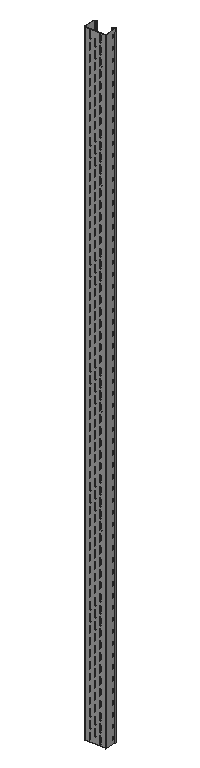
Revit family "Kabelrinne MKS 610FS", category Generic Models, Revit 2017 (continued)
Dimensions and locks
  plane 611 to cut or joined group of Extrusion 1, Extrusion 2, Extrusion 3, Extrusion 4, Extrusion 5, Extrusion 6, Extrusion 7, Extrusion 8, Extrusion 9, Extrusion 10, Extrusion 11, Extrusion 12, Extrusion 13, Extrusion 14, Extrusion 15, Extrusion 16, Extrusion 17, Extrusion 18, Extrusion 19, Extrusion 20, Extrusion 21, Extrusion 22, Extrusion 23, Extrusion 24, Extrusion 25, Extrusion 26, Extrusion 27, Extrusion 28, Extrusion 29, Extrusion 30, Extrusion 31, Extrusion 32, Extrusion 33, Extrusion 34, Extrusion 35, Extrusion 36, Extrusion 37, Extrusion 38, Extrusion 39, Extrusion 40, Extrusion 41, Extrusion 42, Extrusion 43, Extrusion 44, Extrusion 45, Extrusion 46, Extrusion 47, Extrusion 48, Extrusion 49, Extrusion 50, Extrusion 51, Extrusion 52, Extrusion 53, Extrusion 54, Extrusion 55, Extrusion 56, Extrusion 57, Extrusion 58, Extrusion 59, Extrusion 60, Extrusion 61, Extrusion 62, Extrusion 63, Extrusion 64, Extrusion 65, Extrusion 66, Extrusion 67, Extrusion 68, Extrusion 69, Extrusion 70, Extrusion 71, Extrusion 72, Extrusion 73, Extrusion 74, Extrusion 75, Extrusion 76, Extrusion 77, Extrusion 78, Extrusion 79, Extrusion 80, Extrusion 81, Extrusion 82, Extrusion 83, Extrusion 84, Extrusion 85, Extrusion 86, Extrusion 87, Extrusion 88, Extrusion 89, Extrusion 90, Extrusion 91, Extrusion 92, Extrusion 93, Extrusion 94, Extrusion 95, Extrusion 96, Extrusion 97, Extrusion 98, Extrusion 99, Extrusion 100, Extrusion 101, Extrusion 102, Extrusion 103, Extrusion 104, Extrusion 105, Extrusion 106, Extrusion 107, Extrusion 108, Extrusion 109, Extrusion 110, Extrusion 111, Extrusion 112, Extrusion 113, Extrusion 114, Extrusion 115, Extrusion 116, Extrusion 117, Extrusion 118, Extrusion 119, Extrusion 120, Extrusion 121, Extrusion 122, Extrusion 123, Extrusion 124, Extrusion 125, Extrusion 126, Extrusion 127, Extrusion 128, Extrusion 129, Extrusion 130, Extrusion 131, Extrusion 132, Extrusion 133, Extrusion 134, Extrusion 135, Extrusion 136, Extrusion 137, Extrusion 138, Extrusion 139, Extrusion 140, Extrusion 141, Extrusion 142, Extrusion 143, Extrusion 144, Extrusion 145, Extrusion 146, Extrusion 147, Extrusion 148, Extrusion 149, Extrusion 150, Extrusion 151, Extrusion 152, Extrusion 153, Extrusion 154, Extrusion 155, Extrusion 156, Extrusion 157, Extrusion 158, Extrusion 159, Extrusion 160, Extrusion 161, Extrusion 162, Extrusion 163, Extrusion 164, Extrusion 165, Extrusion 166, Extrusion 167, Extrusion 168, Extrusion 169, Extrusion 170, Extrusion 171, Extrusion 172, Extrusion 173, Extrusion 174, Extrusion 175, Extrusion 176, Extrusion 177, Extrusion 178, Extrusion 179, Extrusion 180, Extrusion 181, Extrusion 182, Extrusion 183, Extrusion 184, Extrusion 185, Extrusion 186, Extrusion 187, Extrusion 188, Extrusion 189, Extrusion 190, Extrusion 191, Extrusion 192, Extrusion 193, Extrusion 194, Extrusion 195, Extrusion 196, Extrusion 197, Extrusion 198, Extrusion 199, Extrusion 200, Extrusion 201, Extrusion 202, Extrusion 203, Extrusion 204, Extrusion 205, Extrusion 206, Extrusion 207, Extrusion 208, Extrusion 209, Extrusion 210, Extrusion 211, Extrusion 212, Extrusion 213, Extrusion 214, Extrusion 215, Extrusion 216, Extrusion 217, Extrusion 218, Extrusion 219, Extrusion 220, Extrusion 221, Extrusion 222, Extrusion 223, Extrusion 224, Extrusion 225, Extrusion 226, Extrusion 227, Extrusion 228, Extrusion 229, Extrusion 230, Extrusion 231, Extrusion 232, Extrusion 233, Extrusion 234, Extrusion 235, Extrusion 236, Extrusion 237, Extrusion 238, Extrusion 239, Extrusion 240, Extrusion 241, Extrusion 242, Extrusion 243, Extrusion 244, Extrusion 245, Extrusion 246, Extrusion 247, Extrusion 248, Extrusion 249, Extrusion 250, Extrusion 251, Extrusion 252, Extrusion 253, Extrusion 254, Extrusion 255, Extrusion 256, Extrusion 257, Extrusion 258, Extrusion 259, Extrusion 260, Extrusion 261, Extrusion 262, Extrusion 263, Extrusion 264, Extrusion 265, Extrusion 266, Extrusion 267, Extrusion 268, Extrusion 269, Extrusion 270, Extrusion 271, Extrusion 272, Extrusion 273, Extrusion 274, Extrusion 275, Extrusion 276, Extrusion 277, Extrusion 278, Extrusion 279, Extrusion 280, Extrusion 281, Extrusion 282, Extrusion 283, Extrusion 284, Extrusion 285, Extrusion 286, Extrusion 287, Extrusion 288, Extrusion 289, Extrusion 290, Extrusion 291, Extrusion 292, Extrusion 293, Extrusion 294, Extrusion 295, Extrusion 296, Extrusion 297, Extrusion 298, Extrusion 299, Extrusion 300, Extrusion 301, Extrusion 302, Extrusion 303, Extrusion 304, Extrusion 305, Extrusion 306, Extrusion 307, Extrusion 308, Extrusion 309, Extrusion 310, Extrusion 311, Extrusion 312, Extrusion 313, Extrusion 314, Extrusion 315, Extrusion 316, Extrusion 317, Extrusion 318, Extrusion 319, Extrusion 320, Extrusion 321, Extrusion 322, Extrusion 323, Extrusion 324, Extrusion 325, Extrusion 326, Extrusion 327, Extrusion 328, Extrusion 329, Extrusion 330, Extrusion 331, Extrusion 332, Extrusion 333, Extrusion 334, Extrusion 335, Extrusion 336, Extrusion 337, Extrusion 338, Extrusion 339, Extrusion 340, Extrusion 341, Extrusion 342, Extrusion 343, Extrusion 344, Extrusion 345, Extrusion 346, Extrusion 347, Extrusion 348, Extrusion 349, Extrusion 350, Extrusion 351, Extrusion 352, Extrusion 353, Extrusion 354, Extrusion 355, Extrusion 356, Extrusion 357, Extrusion 358, Extrusion 359, Extrusion 360, Extrusion 361, Extrusion 362, Extrusion 363, Extrusion 364, Extrusion 365, Extrusion 366, Extrusion 367, Extrusion 368, Extrusion 369, Extrusion 370, Extrusion 371, Extrusion 372, Extrusion 373, Extrusion 374, Extrusion 375, Extrusion 376, Extrusion 377, Extrusion 378, Extrusion 379, Extrusion 380, Extrusion 381, Extrusion 382, Extrusion 383, Extrusion 384, Extrusion 385, Extrusion 386, Extrusion 387, Extrusion 388, Extrusion 389, Extrusion 390, Extrusion 391, Extrusion 392, Extrusion 393, Extrusion 394, Extrusion 395, Extrusion 396, Extrusion 397, Extrusion 398, Extrusion 399, Extrusion 400, Extrusion 401, Extrusion 402, Extrusion 403, Extrusion 404, Extrusion 405, Extrusion 406, Extrusion 407, Extrusion 408, Extrusion 409, Extrusion 410, Extrusion 411, Extrusion 412, Extrusion 413, Extrusion 414, Extrusion 415, Extrusion 416, Extrusion 417, Extrusion 418, Extrusion 419, Extrusion 420 = 14.5 mm
  Extrusion 242 sketch curve to Extrusion 242 sketch curve = 7 mm
  plane 611 to Extrusion 242 sketch curve = 3.822 mm
  locked: Extrusion 242 sketch curve to Extrusion 242 sketch curve at 20
  locked: plane 612 to Extrusion 242 sketch curve at 10
  Extrusion 243 sketch curve to Extrusion 243 sketch curve = 7 mm
  plane 613 to Extrusion 243 sketch curve = 3.822 mm
  locked: Extrusion 243 sketch curve to Extrusion 243 sketch curve at 20
  locked: plane 614 to Extrusion 243 sketch curve at 10
  Extrusion 244 sketch curve to Extrusion 244 sketch curve = 7 mm
  plane 615 to Extrusion 244 sketch curve = 3.822 mm
  locked: Extrusion 244 sketch curve to Extrusion 244 sketch curve at 20
  locked: plane 616 to Extrusion 244 sketch curve at 10
  Extrusion 245 sketch curve to Extrusion 245 sketch curve = 7 mm
  plane 617 to Extrusion 245 sketch curve = 3.822 mm
  locked: Extrusion 245 sketch curve to Extrusion 245 sketch curve at 20
  locked: plane 618 to Extrusion 245 sketch curve at 10
  equal spacing: group 120, group 121, group 122, group 123, group 124, group 125, group 126, group 127, group 128, group 129, group 130, group 131, group 132, group 133, group 134, group 135, group 136, group 137, group 138, group 139, group 140, group 141, group 142, group 143, group 144, group 145, group 146, group 147, group 148, group 149, group 150, group 151, group 152, group 153, group 154, group 155, group 156, group 157, group 158, group 159, group 160, group 161, group 162, group 163, group 164, group 165, group 166, group 167, group 168, group 169, group 170, group 171, group 172, group 173, group 174, group 175, group 176, group 177, group 178, group 179  (x3)
  Extrusion 246 sketch curve to Extrusion 246 sketch curve = 7 mm
  plane 619 to Extrusion 246 sketch curve = 3.822 mm
  locked: Extrusion 246 sketch curve to Extrusion 246 sketch curve at 20
  locked: plane 620 to Extrusion 246 sketch curve at 10
  Extrusion 247 sketch curve to Extrusion 247 sketch curve = 7 mm
  plane 621 to Extrusion 247 sketch curve = 3.822 mm
  locked: Extrusion 247 sketch curve to Extrusion 247 sketch curve at 20
  locked: plane 622 to Extrusion 247 sketch curve at 10
  Extrusion 248 sketch curve to Extrusion 248 sketch curve = 7 mm
  plane 623 to Extrusion 248 sketch curve = 3.822 mm
  locked: Extrusion 248 sketch curve to Extrusion 248 sketch curve at 20
  locked: plane 624 to Extrusion 248 sketch curve at 10
  Extrusion 249 sketch curve to Extrusion 249 sketch curve = 7 mm
  plane 625 to Extrusion 249 sketch curve = 3.822 mm
  locked: Extrusion 249 sketch curve to Extrusion 249 sketch curve at 20
  locked: plane 626 to Extrusion 249 sketch curve at 10
  Extrusion 250 sketch curve to Extrusion 250 sketch curve = 7 mm
  plane 627 to Extrusion 250 sketch curve = 3.822 mm
  locked: Extrusion 250 sketch curve to Extrusion 250 sketch curve at 20
  locked: plane 628 to Extrusion 250 sketch curve at 10
  Extrusion 251 sketch curve to Extrusion 251 sketch curve = 7 mm
  plane 629 to Extrusion 251 sketch curve = 3.822 mm
  locked: Extrusion 251 sketch curve to Extrusion 251 sketch curve at 20
  locked: plane 630 to Extrusion 251 sketch curve at 10
  Extrusion 252 sketch curve to Extrusion 252 sketch curve = 7 mm
  plane 631 to Extrusion 252 sketch curve = 3.822 mm
  locked: Extrusion 252 sketch curve to Extrusion 252 sketch curve at 20
  locked: plane 632 to Extrusion 252 sketch curve at 10
  Extrusion 253 sketch curve to Extrusion 253 sketch curve = 7 mm
  plane 633 to Extrusion 253 sketch curve = 3.822 mm
  locked: Extrusion 253 sketch curve to Extrusion 253 sketch curve at 20
  locked: plane 634 to Extrusion 253 sketch curve at 10
  Extrusion 254 sketch curve to Extrusion 254 sketch curve = 7 mm
  plane 635 to Extrusion 254 sketch curve = 3.822 mm
  locked: Extrusion 254 sketch curve to Extrusion 254 sketch curve at 20
  locked: plane 636 to Extrusion 254 sketch curve at 10
  Extrusion 255 sketch curve to Extrusion 255 sketch curve = 7 mm
  plane 637 to Extrusion 255 sketch curve = 3.822 mm
  locked: Extrusion 255 sketch curve to Extrusion 255 sketch curve at 20
  locked: plane 638 to Extrusion 255 sketch curve at 10
  Extrusion 256 sketch curve to Extrusion 256 sketch curve = 7 mm
  plane 639 to Extrusion 256 sketch curve = 3.822 mm
  locked: Extrusion 256 sketch curve to Extrusion 256 sketch curve at 20
  locked: plane 640 to Extrusion 256 sketch curve at 10
  Extrusion 257 sketch curve to Extrusion 257 sketch curve = 7 mm
  plane 641 to Extrusion 257 sketch curve = 3.822 mm
  locked: Extrusion 257 sketch curve to Extrusion 257 sketch curve at 20
  locked: plane 642 to Extrusion 257 sketch curve at 10
  Extrusion 258 sketch curve to Extrusion 258 sketch curve = 7 mm
  plane 643 to Extrusion 258 sketch curve = 3.822 mm
  locked: Extrusion 258 sketch curve to Extrusion 258 sketch curve at 20
  locked: plane 644 to Extrusion 258 sketch curve at 10
  Extrusion 259 sketch curve to Extrusion 259 sketch curve = 7 mm
  plane 645 to Extrusion 259 sketch curve = 3.822 mm
  locked: Extrusion 259 sketch curve to Extrusion 259 sketch curve at 20
  locked: plane 646 to Extrusion 259 sketch curve at 10
  Extrusion 260 sketch curve to Extrusion 260 sketch curve = 7 mm
  plane 647 to Extrusion 260 sketch curve = 3.822 mm
  locked: Extrusion 260 sketch curve to Extrusion 260 sketch curve at 20
  locked: plane 648 to Extrusion 260 sketch curve at 10
  Extrusion 261 sketch curve to Extrusion 261 sketch curve = 7 mm
  plane 649 to Extrusion 261 sketch curve = 3.822 mm
  locked: Extrusion 261 sketch curve to Extrusion 261 sketch curve at 20
  locked: plane 650 to Extrusion 261 sketch curve at 10
  Extrusion 262 sketch curve to Extrusion 262 sketch curve = 7 mm
  plane 651 to Extrusion 262 sketch curve = 3.822 mm
  locked: Extrusion 262 sketch curve to Extrusion 262 sketch curve at 20
  locked: plane 652 to Extrusion 262 sketch curve at 10
  Extrusion 263 sketch curve to Extrusion 263 sketch curve = 7 mm
  plane 653 to Extrusion 263 sketch curve = 3.822 mm
  locked: Extrusion 263 sketch curve to Extrusion 263 sketch curve at 20
  locked: plane 654 to Extrusion 263 sketch curve at 10
  Extrusion 264 sketch curve to Extrusion 264 sketch curve = 7 mm
  plane 655 to Extrusion 264 sketch curve = 3.822 mm
  locked: Extrusion 264 sketch curve to Extrusion 264 sketch curve at 20
  locked: plane 656 to Extrusion 264 sketch curve at 10
  Extrusion 265 sketch curve to Extrusion 265 sketch curve = 7 mm
  plane 657 to Extrusion 265 sketch curve = 3.822 mm
  locked: Extrusion 265 sketch curve to Extrusion 265 sketch curve at 20
  locked: plane 658 to Extrusion 265 sketch curve at 10
  Extrusion 266 sketch curve to Extrusion 266 sketch curve = 7 mm
  plane 659 to Extrusion 266 sketch curve = 3.822 mm
  locked: Extrusion 266 sketch curve to Extrusion 266 sketch curve at 20
  locked: plane 660 to Extrusion 266 sketch curve at 10
  Extrusion 267 sketch curve to Extrusion 267 sketch curve = 7 mm
  plane 661 to Extrusion 267 sketch curve = 3.822 mm
  locked: Extrusion 267 sketch curve to Extrusion 267 sketch curve at 20
  locked: plane 662 to Extrusion 267 sketch curve at 10
  Extrusion 268 sketch curve to Extrusion 268 sketch curve = 7 mm
  plane 663 to Extrusion 268 sketch curve = 3.822 mm
  locked: Extrusion 268 sketch curve to Extrusion 268 sketch curve at 20
  locked: plane 664 to Extrusion 268 sketch curve at 10
  Extrusion 269 sketch curve to Extrusion 269 sketch curve = 7 mm
  plane 665 to Extrusion 269 sketch curve = 3.822 mm
  locked: Extrusion 269 sketch curve to Extrusion 269 sketch curve at 20
  locked: plane 666 to Extrusion 269 sketch curve at 10
  Extrusion 270 sketch curve to Extrusion 270 sketch curve = 7 mm
  plane 667 to Extrusion 270 sketch curve = 3.822 mm
  locked: Extrusion 270 sketch curve to Extrusion 270 sketch curve at 20
  locked: plane 668 to Extrusion 270 sketch curve at 10
  Extrusion 271 sketch curve to Extrusion 271 sketch curve = 7 mm
  plane 669 to Extrusion 271 sketch curve = 3.822 mm
  locked: Extrusion 271 sketch curve to Extrusion 271 sketch curve at 20
  locked: plane 670 to Extrusion 271 sketch curve at 10
  Extrusion 272 sketch curve to Extrusion 272 sketch curve = 7 mm
  plane 671 to Extrusion 272 sketch curve = 3.822 mm
  locked: Extrusion 272 sketch curve to Extrusion 272 sketch curve at 20
  locked: plane 672 to Extrusion 272 sketch curve at 10
  Extrusion 273 sketch curve to Extrusion 273 sketch curve = 7 mm
  plane 673 to Extrusion 273 sketch curve = 3.822 mm
  locked: Extrusion 273 sketch curve to Extrusion 273 sketch curve at 20
  locked: plane 674 to Extrusion 273 sketch curve at 10
  Extrusion 274 sketch curve to Extrusion 274 sketch curve = 7 mm
  plane 675 to Extrusion 274 sketch curve = 3.822 mm
  locked: Extrusion 274 sketch curve to Extrusion 274 sketch curve at 20
  locked: plane 676 to Extrusion 274 sketch curve at 10
  Extrusion 275 sketch curve to Extrusion 275 sketch curve = 7 mm
  plane 677 to Extrusion 275 sketch curve = 3.822 mm
  locked: Extrusion 275 sketch curve to Extrusion 275 sketch curve at 20
  locked: plane 678 to Extrusion 275 sketch curve at 10
  Extrusion 276 sketch curve to Extrusion 276 sketch curve = 7 mm
  plane 679 to Extrusion 276 sketch curve = 3.822 mm
  locked: Extrusion 276 sketch curve to Extrusion 276 sketch curve at 20
  locked: plane 680 to Extrusion 276 sketch curve at 10
  Extrusion 277 sketch curve to Extrusion 277 sketch curve = 7 mm
  plane 681 to Extrusion 277 sketch curve = 3.822 mm
  locked: Extrusion 277 sketch curve to Extrusion 277 sketch curve at 20
  locked: plane 682 to Extrusion 277 sketch curve at 10
  Extrusion 278 sketch curve to Extrusion 278 sketch curve = 7 mm
  plane 683 to Extrusion 278 sketch curve = 3.822 mm
  locked: Extrusion 278 sketch curve to Extrusion 278 sketch curve at 20
  locked: plane 684 to Extrusion 278 sketch curve at 10
  Extrusion 279 sketch curve to Extrusion 279 sketch curve = 7 mm
  plane 685 to Extrusion 279 sketch curve = 3.822 mm
  locked: Extrusion 279 sketch curve to Extrusion 279 sketch curve at 20
  locked: plane 686 to Extrusion 279 sketch curve at 10
  Extrusion 280 sketch curve to Extrusion 280 sketch curve = 7 mm
  plane 687 to Extrusion 280 sketch curve = 3.822 mm
  locked: Extrusion 280 sketch curve to Extrusion 280 sketch curve at 20
  locked: plane 688 to Extrusion 280 sketch curve at 10
  Extrusion 281 sketch curve to Extrusion 281 sketch curve = 7 mm
  plane 689 to Extrusion 281 sketch curve = 3.822 mm
  locked: Extrusion 281 sketch curve to Extrusion 281 sketch curve at 20
  locked: plane 690 to Extrusion 281 sketch curve at 10
  Extrusion 282 sketch curve to Extrusion 282 sketch curve = 7 mm
  plane 691 to Extrusion 282 sketch curve = 3.822 mm
  locked: Extrusion 282 sketch curve to Extrusion 282 sketch curve at 20
  locked: plane 692 to Extrusion 282 sketch curve at 10
  Extrusion 283 sketch curve to Extrusion 283 sketch curve = 7 mm
  plane 693 to Extrusion 283 sketch curve = 3.822 mm
  locked: Extrusion 283 sketch curve to Extrusion 283 sketch curve at 20
  locked: plane 694 to Extrusion 283 sketch curve at 10
  Extrusion 284 sketch curve to Extrusion 284 sketch curve = 7 mm
  plane 695 to Extrusion 284 sketch curve = 3.822 mm
  locked: Extrusion 284 sketch curve to Extrusion 284 sketch curve at 20
  locked: plane 696 to Extrusion 284 sketch curve at 10
  Extrusion 285 sketch curve to Extrusion 285 sketch curve = 7 mm
  plane 697 to Extrusion 285 sketch curve = 3.822 mm
  locked: Extrusion 285 sketch curve to Extrusion 285 sketch curve at 20
  locked: plane 698 to Extrusion 285 sketch curve at 10
  Extrusion 286 sketch curve to Extrusion 286 sketch curve = 7 mm
  plane 699 to Extrusion 286 sketch curve = 3.822 mm
  locked: Extrusion 286 sketch curve to Extrusion 286 sketch curve at 20
  locked: plane 700 to Extrusion 286 sketch curve at 10
  Extrusion 287 sketch curve to Extrusion 287 sketch curve = 7 mm
  plane 701 to Extrusion 287 sketch curve = 3.822 mm
  locked: Extrusion 287 sketch curve to Extrusion 287 sketch curve at 20
  locked: plane 702 to Extrusion 287 sketch curve at 10
  Extrusion 288 sketch curve to Extrusion 288 sketch curve = 7 mm
  plane 703 to Extrusion 288 sketch curve = 3.822 mm
  locked: Extrusion 288 sketch curve to Extrusion 288 sketch curve at 20
  locked: plane 704 to Extrusion 288 sketch curve at 10
  Extrusion 289 sketch curve to Extrusion 289 sketch curve = 7 mm
  plane 705 to Extrusion 289 sketch curve = 3.822 mm
  locked: Extrusion 289 sketch curve to Extrusion 289 sketch curve at 20
  locked: plane 706 to Extrusion 289 sketch curve at 10
  Extrusion 290 sketch curve to Extrusion 290 sketch curve = 7 mm
  plane 707 to Extrusion 290 sketch curve = 3.822 mm
  locked: Extrusion 290 sketch curve to Extrusion 290 sketch curve at 20
  locked: plane 708 to Extrusion 290 sketch curve at 10
  Extrusion 291 sketch curve to Extrusion 291 sketch curve = 7 mm
  plane 709 to Extrusion 291 sketch curve = 3.822 mm
  locked: Extrusion 291 sketch curve to Extrusion 291 sketch curve at 20
  locked: plane 710 to Extrusion 291 sketch curve at 10
  Extrusion 292 sketch curve to Extrusion 292 sketch curve = 7 mm
  plane 711 to Extrusion 292 sketch curve = 3.822 mm
  locked: Extrusion 292 sketch curve to Extrusion 292 sketch curve at 20
  locked: plane 712 to Extrusion 292 sketch curve at 10
  Extrusion 293 sketch curve to Extrusion 293 sketch curve = 7 mm
  plane 713 to Extrusion 293 sketch curve = 3.822 mm
  locked: Extrusion 293 sketch curve to Extrusion 293 sketch curve at 20
  locked: plane 714 to Extrusion 293 sketch curve at 10
  Extrusion 294 sketch curve to Extrusion 294 sketch curve = 7 mm
  plane 715 to Extrusion 294 sketch curve = 3.822 mm
  locked: Extrusion 294 sketch curve to Extrusion 294 sketch curve at 20
  locked: plane 716 to Extrusion 294 sketch curve at 10
  Extrusion 295 sketch curve to Extrusion 295 sketch curve = 7 mm
  plane 717 to Extrusion 295 sketch curve = 3.822 mm
  locked: Extrusion 295 sketch curve to Extrusion 295 sketch curve at 20
  locked: plane 718 to Extrusion 295 sketch curve at 10
  Extrusion 296 sketch curve to Extrusion 296 sketch curve = 7 mm
  plane 719 to Extrusion 296 sketch curve = 3.822 mm
  locked: Extrusion 296 sketch curve to Extrusion 296 sketch curve at 20
  locked: plane 720 to Extrusion 296 sketch curve at 10
  Extrusion 297 sketch curve to Extrusion 297 sketch curve = 7 mm
  plane 721 to Extrusion 297 sketch curve = 3.822 mm
  locked: Extrusion 297 sketch curve to Extrusion 297 sketch curve at 20
  locked: plane 722 to Extrusion 297 sketch curve at 10
  Extrusion 298 sketch curve to Extrusion 298 sketch curve = 7 mm
  plane 723 to Extrusion 298 sketch curve = 3.822 mm
  locked: Extrusion 298 sketch curve to Extrusion 298 sketch curve at 20
  locked: plane 724 to Extrusion 298 sketch curve at 10
  Extrusion 299 sketch curve to Extrusion 299 sketch curve = 7 mm
  plane 725 to Extrusion 299 sketch curve = 3.822 mm
  locked: Extrusion 299 sketch curve to Extrusion 299 sketch curve at 20
  locked: plane 726 to Extrusion 299 sketch curve at 10
  Extrusion 300 sketch curve to Extrusion 300 sketch curve = 7 mm
  plane 727 to Extrusion 300 sketch curve = 3.822 mm
  locked: Extrusion 300 sketch curve to Extrusion 300 sketch curve at 20
  locked: plane 728 to Extrusion 300 sketch curve at 10
  Extrusion 301 sketch curve to Extrusion 301 sketch curve = 7 mm
  plane 729 to Extrusion 301 sketch curve = 3.822 mm
  locked: Extrusion 301 sketch curve to Extrusion 301 sketch curve at 20
  locked: plane 730 to Extrusion 301 sketch curve at 10
  Extrusion 302 sketch curve to Extrusion 302 sketch curve = 7 mm
  plane 731 to Extrusion 302 sketch curve = 3.822 mm
  locked: Extrusion 302 sketch curve to Extrusion 302 sketch curve at 20
  locked: plane 732 to Extrusion 302 sketch curve at 10
  Extrusion 303 sketch curve to Extrusion 303 sketch curve = 7 mm
  plane 733 to Extrusion 303 sketch curve = 3.822 mm
  locked: Extrusion 303 sketch curve to Extrusion 303 sketch curve at 20
  locked: plane 734 to Extrusion 303 sketch curve at 10
  Extrusion 304 sketch curve to Extrusion 304 sketch curve = 7 mm
  plane 735 to Extrusion 304 sketch curve = 3.822 mm
  locked: Extrusion 304 sketch curve to Extrusion 304 sketch curve at 20
  locked: plane 736 to Extrusion 304 sketch curve at 10
  Extrusion 305 sketch curve to Extrusion 305 sketch curve = 7 mm
  plane 737 to Extrusion 305 sketch curve = 3.822 mm
  locked: Extrusion 305 sketch curve to Extrusion 305 sketch curve at 20
  locked: plane 738 to Extrusion 305 sketch curve at 10
  Extrusion 306 sketch curve to Extrusion 306 sketch curve = 7 mm
  plane 739 to Extrusion 306 sketch curve = 3.822 mm
  locked: Extrusion 306 sketch curve to Extrusion 306 sketch curve at 20
  locked: plane 740 to Extrusion 306 sketch curve at 10
  Extrusion 307 sketch curve to Extrusion 307 sketch curve = 7 mm
  plane 741 to Extrusion 307 sketch curve = 3.822 mm
  locked: Extrusion 307 sketch curve to Extrusion 307 sketch curve at 20
  locked: plane 742 to Extrusion 307 sketch curve at 10
  Extrusion 308 sketch curve to Extrusion 308 sketch curve = 7 mm
  plane 743 to Extrusion 308 sketch curve = 3.822 mm
  locked: Extrusion 308 sketch curve to Extrusion 308 sketch curve at 20
  locked: plane 744 to Extrusion 308 sketch curve at 10
  Extrusion 309 sketch curve to Extrusion 309 sketch curve = 7 mm
  plane 745 to Extrusion 309 sketch curve = 3.822 mm
  locked: Extrusion 309 sketch curve to Extrusion 309 sketch curve at 20
  locked: plane 746 to Extrusion 309 sketch curve at 10
  Extrusion 310 sketch curve to Extrusion 310 sketch curve = 7 mm
  plane 747 to Extrusion 310 sketch curve = 3.822 mm
  locked: Extrusion 310 sketch curve to Extrusion 310 sketch curve at 20
  locked: plane 748 to Extrusion 310 sketch curve at 10
  Extrusion 311 sketch curve to Extrusion 311 sketch curve = 7 mm
  plane 749 to Extrusion 311 sketch curve = 3.822 mm
  locked: Extrusion 311 sketch curve to Extrusion 311 sketch curve at 20
  locked: plane 750 to Extrusion 311 sketch curve at 10
  Extrusion 312 sketch curve to Extrusion 312 sketch curve = 7 mm
  plane 751 to Extrusion 312 sketch curve = 3.822 mm
  locked: Extrusion 312 sketch curve to Extrusion 312 sketch curve at 20
  locked: plane 752 to Extrusion 312 sketch curve at 10
  Extrusion 313 sketch curve to Extrusion 313 sketch curve = 7 mm
  plane 753 to Extrusion 313 sketch curve = 3.822 mm
  locked: Extrusion 313 sketch curve to Extrusion 313 sketch curve at 20
  locked: plane 754 to Extrusion 313 sketch curve at 10
  Extrusion 314 sketch curve to Extrusion 314 sketch curve = 7 mm
  plane 755 to Extrusion 314 sketch curve = 3.822 mm
  locked: Extrusion 314 sketch curve to Extrusion 314 sketch curve at 20
  locked: plane 756 to Extrusion 314 sketch curve at 10
  Extrusion 315 sketch curve to Extrusion 315 sketch curve = 7 mm
  plane 757 to Extrusion 315 sketch curve = 3.822 mm
  locked: Extrusion 315 sketch curve to Extrusion 315 sketch curve at 20
  locked: plane 758 to Extrusion 315 sketch curve at 10
  Extrusion 316 sketch curve to Extrusion 316 sketch curve = 7 mm
  plane 759 to Extrusion 316 sketch curve = 3.822 mm
  locked: Extrusion 316 sketch curve to Extrusion 316 sketch curve at 20
  locked: plane 760 to Extrusion 316 sketch curve at 10
  Extrusion 317 sketch curve to Extrusion 317 sketch curve = 7 mm
  plane 761 to Extrusion 317 sketch curve = 3.822 mm
  locked: Extrusion 317 sketch curve to Extrusion 317 sketch curve at 20
  locked: plane 762 to Extrusion 317 sketch curve at 10
  Extrusion 318 sketch curve to Extrusion 318 sketch curve = 7 mm
  plane 763 to Extrusion 318 sketch curve = 3.822 mm
  locked: Extrusion 318 sketch curve to Extrusion 318 sketch curve at 20
  locked: plane 764 to Extrusion 318 sketch curve at 10
  Extrusion 319 sketch curve to Extrusion 319 sketch curve = 7 mm
  plane 765 to Extrusion 319 sketch curve = 3.822 mm
  locked: Extrusion 319 sketch curve to Extrusion 319 sketch curve at 20
  locked: plane 766 to Extrusion 319 sketch curve at 10
  Extrusion 320 sketch curve to Extrusion 320 sketch curve = 7 mm
  plane 767 to Extrusion 320 sketch curve = 3.822 mm
  locked: Extrusion 320 sketch curve to Extrusion 320 sketch curve at 20
  locked: plane 768 to Extrusion 320 sketch curve at 10
  Extrusion 321 sketch curve to Extrusion 321 sketch curve = 7 mm
  plane 769 to Extrusion 321 sketch curve = 3.822 mm
  locked: Extrusion 321 sketch curve to Extrusion 321 sketch curve at 20
  locked: plane 770 to Extrusion 321 sketch curve at 10
  Extrusion 322 sketch curve to Extrusion 322 sketch curve = 7 mm
  plane 771 to Extrusion 322 sketch curve = 3.822 mm
  locked: Extrusion 322 sketch curve to Extrusion 322 sketch curve at 20
  locked: plane 772 to Extrusion 322 sketch curve at 10
  Extrusion 323 sketch curve to Extrusion 323 sketch curve = 7 mm
  plane 773 to Extrusion 323 sketch curve = 3.822 mm
  locked: Extrusion 323 sketch curve to Extrusion 323 sketch curve at 20
  locked: plane 774 to Extrusion 323 sketch curve at 10
  Extrusion 324 sketch curve to Extrusion 324 sketch curve = 7 mm
  plane 775 to Extrusion 324 sketch curve = 3.822 mm
  locked: Extrusion 324 sketch curve to Extrusion 324 sketch curve at 20
  locked: plane 776 to Extrusion 324 sketch curve at 10
  Extrusion 325 sketch curve to Extrusion 325 sketch curve = 7 mm
  plane 777 to Extrusion 325 sketch curve = 3.822 mm
  locked: Extrusion 325 sketch curve to Extrusion 325 sketch curve at 20
  locked: plane 778 to Extrusion 325 sketch curve at 10
  Extrusion 326 sketch curve to Extrusion 326 sketch curve = 7 mm
  plane 779 to Extrusion 326 sketch curve = 3.822 mm
  locked: Extrusion 326 sketch curve to Extrusion 326 sketch curve at 20
  locked: plane 780 to Extrusion 326 sketch curve at 10
  Extrusion 327 sketch curve to Extrusion 327 sketch curve = 7 mm
  plane 781 to Extrusion 327 sketch curve = 3.822 mm
  locked: Extrusion 327 sketch curve to Extrusion 327 sketch curve at 20
  locked: plane 782 to Extrusion 327 sketch curve at 10
  Extrusion 328 sketch curve to Extrusion 328 sketch curve = 7 mm
  plane 783 to Extrusion 328 sketch curve = 3.822 mm
  locked: Extrusion 328 sketch curve to Extrusion 328 sketch curve at 20
  locked: plane 784 to Extrusion 328 sketch curve at 10
  Extrusion 329 sketch curve to Extrusion 329 sketch curve = 7 mm
  plane 785 to Extrusion 329 sketch curve = 3.822 mm
  locked: Extrusion 329 sketch curve to Extrusion 329 sketch curve at 20
  locked: plane 786 to Extrusion 329 sketch curve at 10
  Extrusion 330 sketch curve to Extrusion 330 sketch curve = 7 mm
  plane 787 to Extrusion 330 sketch curve = 3.822 mm
  locked: Extrusion 330 sketch curve to Extrusion 330 sketch curve at 20
  locked: plane 788 to Extrusion 330 sketch curve at 10
  Extrusion 331 sketch curve to Extrusion 331 sketch curve = 7 mm
  plane 789 to Extrusion 331 sketch curve = 3.822 mm
  locked: Extrusion 331 sketch curve to Extrusion 331 sketch curve at 20
  locked: plane 790 to Extrusion 331 sketch curve at 10
  Extrusion 332 sketch curve to Extrusion 332 sketch curve = 7 mm
  plane 791 to Extrusion 332 sketch curve = 3.822 mm
  locked: Extrusion 332 sketch curve to Extrusion 332 sketch curve at 20
  locked: plane 792 to Extrusion 332 sketch curve at 10
  Extrusion 333 sketch curve to Extrusion 333 sketch curve = 7 mm
  plane 793 to Extrusion 333 sketch curve = 3.822 mm
  locked: Extrusion 333 sketch curve to Extrusion 333 sketch curve at 20
  locked: plane 794 to Extrusion 333 sketch curve at 10
  Extrusion 334 sketch curve to Extrusion 334 sketch curve = 7 mm
  plane 795 to Extrusion 334 sketch curve = 3.822 mm
  locked: Extrusion 334 sketch curve to Extrusion 334 sketch curve at 20
  locked: plane 796 to Extrusion 334 sketch curve at 10
  Extrusion 335 sketch curve to Extrusion 335 sketch curve = 7 mm
  plane 797 to Extrusion 335 sketch curve = 3.822 mm
  locked: Extrusion 335 sketch curve to Extrusion 335 sketch curve at 20
  locked: plane 798 to Extrusion 335 sketch curve at 10
  Extrusion 336 sketch curve to Extrusion 336 sketch curve = 7 mm
  plane 799 to Extrusion 336 sketch curve = 3.822 mm
  locked: Extrusion 336 sketch curve to Extrusion 336 sketch curve at 20
  locked: plane 800 to Extrusion 336 sketch curve at 10
  Extrusion 337 sketch curve to Extrusion 337 sketch curve = 7 mm
  plane 801 to Extrusion 337 sketch curve = 3.822 mm
  locked: Extrusion 337 sketch curve to Extrusion 337 sketch curve at 20
  locked: plane 802 to Extrusion 337 sketch curve at 10
  Extrusion 338 sketch curve to Extrusion 338 sketch curve = 7 mm
  plane 803 to Extrusion 338 sketch curve = 3.822 mm
  locked: Extrusion 338 sketch curve to Extrusion 338 sketch curve at 20
  locked: plane 804 to Extrusion 338 sketch curve at 10
  Extrusion 339 sketch curve to Extrusion 339 sketch curve = 7 mm
  plane 805 to Extrusion 339 sketch curve = 3.822 mm
  locked: Extrusion 339 sketch curve to Extrusion 339 sketch curve at 20
  locked: plane 806 to Extrusion 339 sketch curve at 10
  Extrusion 340 sketch curve to Extrusion 340 sketch curve = 7 mm
  plane 807 to Extrusion 340 sketch curve = 3.822 mm
  locked: Extrusion 340 sketch curve to Extrusion 340 sketch curve at 20
  locked: plane 808 to Extrusion 340 sketch curve at 10
  Extrusion 341 sketch curve to Extrusion 341 sketch curve = 7 mm
  plane 809 to Extrusion 341 sketch curve = 3.822 mm
  locked: Extrusion 341 sketch curve to Extrusion 341 sketch curve at 20
  locked: plane 810 to Extrusion 341 sketch curve at 10
  Extrusion 342 sketch curve to Extrusion 342 sketch curve = 7 mm
  plane 811 to Extrusion 342 sketch curve = 3.822 mm
  locked: Extrusion 342 sketch curve to Extrusion 342 sketch curve at 20
  locked: plane 812 to Extrusion 342 sketch curve at 10
  Extrusion 343 sketch curve to Extrusion 343 sketch curve = 7 mm
  plane 813 to Extrusion 343 sketch curve = 3.822 mm
  locked: Extrusion 343 sketch curve to Extrusion 343 sketch curve at 20
  locked: plane 814 to Extrusion 343 sketch curve at 10
  Extrusion 344 sketch curve to Extrusion 344 sketch curve = 7 mm
  plane 815 to Extrusion 344 sketch curve = 3.822 mm
  locked: Extrusion 344 sketch curve to Extrusion 344 sketch curve at 20
  locked: plane 816 to Extrusion 344 sketch curve at 10
  Extrusion 345 sketch curve to Extrusion 345 sketch curve = 7 mm
  plane 817 to Extrusion 345 sketch curve = 3.822 mm
  locked: Extrusion 345 sketch curve to Extrusion 345 sketch curve at 20
  locked: plane 818 to Extrusion 345 sketch curve at 10
  Extrusion 346 sketch curve to Extrusion 346 sketch curve = 7 mm
  plane 819 to Extrusion 346 sketch curve = 3.822 mm
  locked: Extrusion 346 sketch curve to Extrusion 346 sketch curve at 20
  locked: plane 820 to Extrusion 346 sketch curve at 10
  Extrusion 347 sketch curve to Extrusion 347 sketch curve = 7 mm
  plane 821 to Extrusion 347 sketch curve = 3.822 mm
  locked: Extrusion 347 sketch curve to Extrusion 347 sketch curve at 20
  locked: plane 822 to Extrusion 347 sketch curve at 10
  Extrusion 348 sketch curve to Extrusion 348 sketch curve = 7 mm
  plane 823 to Extrusion 348 sketch curve = 3.822 mm
  locked: Extrusion 348 sketch curve to Extrusion 348 sketch curve at 20
  locked: plane 824 to Extrusion 348 sketch curve at 10
  Extrusion 349 sketch curve to Extrusion 349 sketch curve = 7 mm
  plane 825 to Extrusion 349 sketch curve = 3.822 mm
  locked: Extrusion 349 sketch curve to Extrusion 349 sketch curve at 20
  locked: plane 826 to Extrusion 349 sketch curve at 10
  Extrusion 350 sketch curve to Extrusion 350 sketch curve = 7 mm
  plane 827 to Extrusion 350 sketch curve = 3.822 mm
  locked: Extrusion 350 sketch curve to Extrusion 350 sketch curve at 20
  locked: plane 828 to Extrusion 350 sketch curve at 10
  Extrusion 351 sketch curve to Extrusion 351 sketch curve = 7 mm
  plane 829 to Extrusion 351 sketch curve = 3.822 mm
  locked: Extrusion 351 sketch curve to Extrusion 351 sketch curve at 20
  locked: plane 830 to Extrusion 351 sketch curve at 10
  Extrusion 352 sketch curve to Extrusion 352 sketch curve = 7 mm
  plane 831 to Extrusion 352 sketch curve = 3.822 mm
  locked: Extrusion 352 sketch curve to Extrusion 352 sketch curve at 20
  locked: plane 832 to Extrusion 352 sketch curve at 10
  Extrusion 353 sketch curve to Extrusion 353 sketch curve = 7 mm
  plane 833 to Extrusion 353 sketch curve = 3.822 mm
  locked: Extrusion 353 sketch curve to Extrusion 353 sketch curve at 20
  locked: plane 834 to Extrusion 353 sketch curve at 10
  Extrusion 354 sketch curve to Extrusion 354 sketch curve = 7 mm
  plane 835 to Extrusion 354 sketch curve = 3.822 mm
  locked: Extrusion 354 sketch curve to Extrusion 354 sketch curve at 20
  locked: plane 836 to Extrusion 354 sketch curve at 10
  Extrusion 355 sketch curve to Extrusion 355 sketch curve = 7 mm
  plane 837 to Extrusion 355 sketch curve = 3.822 mm
  locked: Extrusion 355 sketch curve to Extrusion 355 sketch curve at 20
  locked: plane 838 to Extrusion 355 sketch curve at 10
  Extrusion 356 sketch curve to Extrusion 356 sketch curve = 7 mm
  plane 839 to Extrusion 356 sketch curve = 3.822 mm
  locked: Extrusion 356 sketch curve to Extrusion 356 sketch curve at 20
  locked: plane 840 to Extrusion 356 sketch curve at 10
  Extrusion 357 sketch curve to Extrusion 357 sketch curve = 7 mm
  plane 841 to Extrusion 357 sketch curve = 3.822 mm
  locked: Extrusion 357 sketch curve to Extrusion 357 sketch curve at 20
  locked: plane 842 to Extrusion 357 sketch curve at 10
  Extrusion 358 sketch curve to Extrusion 358 sketch curve = 7 mm
  plane 843 to Extrusion 358 sketch curve = 3.822 mm
  locked: Extrusion 358 sketch curve to Extrusion 358 sketch curve at 20
  locked: plane 844 to Extrusion 358 sketch curve at 10
  Extrusion 359 sketch curve to Extrusion 359 sketch curve = 7 mm
  plane 845 to Extrusion 359 sketch curve = 3.822 mm
  locked: Extrusion 359 sketch curve to Extrusion 359 sketch curve at 20
  locked: plane 846 to Extrusion 359 sketch curve at 10
  Extrusion 360 sketch curve to Extrusion 360 sketch curve = 7 mm
  plane 847 to Extrusion 360 sketch curve = 3.822 mm
  locked: Extrusion 360 sketch curve to Extrusion 360 sketch curve at 20
  locked: plane 848 to Extrusion 360 sketch curve at 10
  Extrusion 361 sketch curve to Extrusion 361 sketch curve = 7 mm
  plane 849 to Extrusion 361 sketch curve = 3.822 mm
  locked: Extrusion 361 sketch curve to Extrusion 361 sketch curve at 20
  locked: plane 850 to Extrusion 361 sketch curve at 10
  locked: Extrusion 362 sketch curve to Extrusion 362 sketch curve at 7
  locked: Extrusion 362 sketch curve to Extrusion 362 sketch curve at 32
  locked: plane 851 to Extrusion 362 sketch curve at 16
  locked: Extrusion 363 sketch curve to Extrusion 363 sketch curve at 7
  locked: Extrusion 363 sketch curve to Extrusion 363 sketch curve at 32
  locked: plane 852 to Extrusion 363 sketch curve at 16
  equal spacing: group 180, group 181, group 182, group 183, group 184, group 185, group 186, group 187, group 188, group 189, group 190, group 191, group 192, group 193, group 194, group 195, group 196, group 197, group 198, group 199, group 200, group 201, group 202, group 203, group 204, group 205, group 206, group 207, group 208, group 209, group 210, group 211, group 212, group 213, group 214, group 215, group 216, group 217, group 218, group 219, group 220, group 221, group 222, group 223, group 224, group 225, group 226, group 227, group 228, group 229, group 230, group 231, group 232, group 233, group 234, group 235, group 236, group 237, group 238  (x3)
  locked: Extrusion 364 sketch curve to Extrusion 364 sketch curve at 7
  locked: Extrusion 364 sketch curve to Extrusion 364 sketch curve at 32
  locked: plane 853 to Extrusion 364 sketch curve at 16
  locked: Extrusion 365 sketch curve to Extrusion 365 sketch curve at 7
  locked: Extrusion 365 sketch curve to Extrusion 365 sketch curve at 32
  locked: plane 854 to Extrusion 365 sketch curve at 16
  locked: Extrusion 366 sketch curve to Extrusion 366 sketch curve at 7
  locked: Extrusion 366 sketch curve to Extrusion 366 sketch curve at 32
  locked: plane 855 to Extrusion 366 sketch curve at 16
  locked: Extrusion 367 sketch curve to Extrusion 367 sketch curve at 7
  locked: Extrusion 367 sketch curve to Extrusion 367 sketch curve at 32
  locked: plane 856 to Extrusion 367 sketch curve at 16
  locked: Extrusion 368 sketch curve to Extrusion 368 sketch curve at 7
  locked: Extrusion 368 sketch curve to Extrusion 368 sketch curve at 32
  locked: plane 857 to Extrusion 368 sketch curve at 16
  locked: Extrusion 369 sketch curve to Extrusion 369 sketch curve at 7
  locked: Extrusion 369 sketch curve to Extrusion 369 sketch curve at 32
  locked: plane 858 to Extrusion 369 sketch curve at 16
  locked: Extrusion 370 sketch curve to Extrusion 370 sketch curve at 7
  locked: Extrusion 370 sketch curve to Extrusion 370 sketch curve at 32
  locked: plane 859 to Extrusion 370 sketch curve at 16
  locked: Extrusion 371 sketch curve to Extrusion 371 sketch curve at 7
  locked: Extrusion 371 sketch curve to Extrusion 371 sketch curve at 32
  locked: plane 860 to Extrusion 371 sketch curve at 16
  locked: Extrusion 372 sketch curve to Extrusion 372 sketch curve at 7
  locked: Extrusion 372 sketch curve to Extrusion 372 sketch curve at 32
  locked: plane 861 to Extrusion 372 sketch curve at 16
  locked: Extrusion 373 sketch curve to Extrusion 373 sketch curve at 7
  locked: Extrusion 373 sketch curve to Extrusion 373 sketch curve at 32
  locked: plane 862 to Extrusion 373 sketch curve at 16
  locked: Extrusion 374 sketch curve to Extrusion 374 sketch curve at 7
  locked: Extrusion 374 sketch curve to Extrusion 374 sketch curve at 32
  locked: plane 863 to Extrusion 374 sketch curve at 16
  locked: Extrusion 375 sketch curve to Extrusion 375 sketch curve at 7
  locked: Extrusion 375 sketch curve to Extrusion 375 sketch curve at 32
  locked: plane 864 to Extrusion 375 sketch curve at 16
  locked: Extrusion 376 sketch curve to Extrusion 376 sketch curve at 7
  locked: Extrusion 376 sketch curve to Extrusion 376 sketch curve at 32
  locked: plane 865 to Extrusion 376 sketch curve at 16
  locked: Extrusion 377 sketch curve to Extrusion 377 sketch curve at 7
  locked: Extrusion 377 sketch curve to Extrusion 377 sketch curve at 32
  locked: plane 866 to Extrusion 377 sketch curve at 16
  locked: Extrusion 378 sketch curve to Extrusion 378 sketch curve at 7
  locked: Extrusion 378 sketch curve to Extrusion 378 sketch curve at 32
  locked: plane 867 to Extrusion 378 sketch curve at 16
  locked: Extrusion 379 sketch curve to Extrusion 379 sketch curve at 7
  locked: Extrusion 379 sketch curve to Extrusion 379 sketch curve at 32
  locked: plane 868 to Extrusion 379 sketch curve at 16
  locked: Extrusion 380 sketch curve to Extrusion 380 sketch curve at 7
  locked: Extrusion 380 sketch curve to Extrusion 380 sketch curve at 32
  locked: plane 869 to Extrusion 380 sketch curve at 16
  locked: Extrusion 381 sketch curve to Extrusion 381 sketch curve at 7
  locked: Extrusion 381 sketch curve to Extrusion 381 sketch curve at 32
  locked: plane 870 to Extrusion 381 sketch curve at 16
  locked: Extrusion 382 sketch curve to Extrusion 382 sketch curve at 7
  locked: Extrusion 382 sketch curve to Extrusion 382 sketch curve at 32
  locked: plane 871 to Extrusion 382 sketch curve at 16
  locked: Extrusion 383 sketch curve to Extrusion 383 sketch curve at 7
  locked: Extrusion 383 sketch curve to Extrusion 383 sketch curve at 32
  locked: plane 872 to Extrusion 383 sketch curve at 16
  locked: Extrusion 384 sketch curve to Extrusion 384 sketch curve at 7
  locked: Extrusion 384 sketch curve to Extrusion 384 sketch curve at 32
  locked: plane 873 to Extrusion 384 sketch curve at 16
  locked: Extrusion 385 sketch curve to Extrusion 385 sketch curve at 7
  locked: Extrusion 385 sketch curve to Extrusion 385 sketch curve at 32
  locked: plane 874 to Extrusion 385 sketch curve at 16
  locked: Extrusion 386 sketch curve to Extrusion 386 sketch curve at 7
  locked: Extrusion 386 sketch curve to Extrusion 386 sketch curve at 32
  locked: plane 875 to Extrusion 386 sketch curve at 16
  locked: Extrusion 387 sketch curve to Extrusion 387 sketch curve at 7
  locked: Extrusion 387 sketch curve to Extrusion 387 sketch curve at 32
  locked: plane 876 to Extrusion 387 sketch curve at 16
  locked: Extrusion 388 sketch curve to Extrusion 388 sketch curve at 7
  locked: Extrusion 388 sketch curve to Extrusion 388 sketch curve at 32
  locked: plane 877 to Extrusion 388 sketch curve at 16
  locked: Extrusion 389 sketch curve to Extrusion 389 sketch curve at 7
  locked: Extrusion 389 sketch curve to Extrusion 389 sketch curve at 32
  locked: plane 878 to Extrusion 389 sketch curve at 16
  locked: Extrusion 390 sketch curve to Extrusion 390 sketch curve at 7
  locked: Extrusion 390 sketch curve to Extrusion 390 sketch curve at 32
  locked: plane 879 to Extrusion 390 sketch curve at 16
  locked: Extrusion 391 sketch curve to Extrusion 391 sketch curve at 7
  locked: Extrusion 391 sketch curve to Extrusion 391 sketch curve at 32
  locked: plane 880 to Extrusion 391 sketch curve at 16
  locked: Extrusion 392 sketch curve to Extrusion 392 sketch curve at 7
  locked: Extrusion 392 sketch curve to Extrusion 392 sketch curve at 32
  locked: plane 881 to Extrusion 392 sketch curve at 16
  locked: Extrusion 393 sketch curve to Extrusion 393 sketch curve at 7
  locked: Extrusion 393 sketch curve to Extrusion 393 sketch curve at 32
  locked: plane 882 to Extrusion 393 sketch curve at 16
  locked: Extrusion 394 sketch curve to Extrusion 394 sketch curve at 7
  locked: Extrusion 394 sketch curve to Extrusion 394 sketch curve at 32
  locked: plane 883 to Extrusion 394 sketch curve at 16
  locked: Extrusion 395 sketch curve to Extrusion 395 sketch curve at 7
  locked: Extrusion 395 sketch curve to Extrusion 395 sketch curve at 32
  locked: plane 884 to Extrusion 395 sketch curve at 16
  locked: Extrusion 396 sketch curve to Extrusion 396 sketch curve at 7
  locked: Extrusion 396 sketch curve to Extrusion 396 sketch curve at 32
  locked: plane 885 to Extrusion 396 sketch curve at 16
  locked: Extrusion 397 sketch curve to Extrusion 397 sketch curve at 7
  locked: Extrusion 397 sketch curve to Extrusion 397 sketch curve at 32
  locked: plane 886 to Extrusion 397 sketch curve at 16
  locked: Extrusion 398 sketch curve to Extrusion 398 sketch curve at 7
  locked: Extrusion 398 sketch curve to Extrusion 398 sketch curve at 32
  locked: plane 887 to Extrusion 398 sketch curve at 16
  locked: Extrusion 399 sketch curve to Extrusion 399 sketch curve at 7
  locked: Extrusion 399 sketch curve to Extrusion 399 sketch curve at 32
  locked: plane 888 to Extrusion 399 sketch curve at 16
  locked: Extrusion 400 sketch curve to Extrusion 400 sketch curve at 7
  locked: Extrusion 400 sketch curve to Extrusion 400 sketch curve at 32
  locked: plane 889 to Extrusion 400 sketch curve at 16
  locked: Extrusion 401 sketch curve to Extrusion 401 sketch curve at 7
  locked: Extrusion 401 sketch curve to Extrusion 401 sketch curve at 32
  locked: plane 890 to Extrusion 401 sketch curve at 16
  locked: Extrusion 402 sketch curve to Extrusion 402 sketch curve at 7
  locked: Extrusion 402 sketch curve to Extrusion 402 sketch curve at 32
  locked: plane 891 to Extrusion 402 sketch curve at 16
  locked: Extrusion 403 sketch curve to Extrusion 403 sketch curve at 7
  locked: Extrusion 403 sketch curve to Extrusion 403 sketch curve at 32
  locked: plane 892 to Extrusion 403 sketch curve at 16
  locked: Extrusion 404 sketch curve to Extrusion 404 sketch curve at 7
  locked: Extrusion 404 sketch curve to Extrusion 404 sketch curve at 32
  locked: plane 893 to Extrusion 404 sketch curve at 16
  locked: Extrusion 405 sketch curve to Extrusion 405 sketch curve at 7
  locked: Extrusion 405 sketch curve to Extrusion 405 sketch curve at 32
  locked: plane 894 to Extrusion 405 sketch curve at 16
  locked: Extrusion 406 sketch curve to Extrusion 406 sketch curve at 7
  locked: Extrusion 406 sketch curve to Extrusion 406 sketch curve at 32
  locked: plane 895 to Extrusion 406 sketch curve at 16
  locked: Extrusion 407 sketch curve to Extrusion 407 sketch curve at 7
  locked: Extrusion 407 sketch curve to Extrusion 407 sketch curve at 32
  locked: plane 896 to Extrusion 407 sketch curve at 16
  locked: Extrusion 408 sketch curve to Extrusion 408 sketch curve at 7
  locked: Extrusion 408 sketch curve to Extrusion 408 sketch curve at 32
  locked: plane 897 to Extrusion 408 sketch curve at 16
  locked: Extrusion 409 sketch curve to Extrusion 409 sketch curve at 7
  locked: Extrusion 409 sketch curve to Extrusion 409 sketch curve at 32
  locked: plane 898 to Extrusion 409 sketch curve at 16
  locked: Extrusion 410 sketch curve to Extrusion 410 sketch curve at 7
  locked: Extrusion 410 sketch curve to Extrusion 410 sketch curve at 32
  locked: plane 899 to Extrusion 410 sketch curve at 16
  locked: Extrusion 411 sketch curve to Extrusion 411 sketch curve at 7
  locked: Extrusion 411 sketch curve to Extrusion 411 sketch curve at 32
  locked: plane 900 to Extrusion 411 sketch curve at 16
  locked: Extrusion 412 sketch curve to Extrusion 412 sketch curve at 7
  locked: Extrusion 412 sketch curve to Extrusion 412 sketch curve at 32
  locked: plane 901 to Extrusion 412 sketch curve at 16
  locked: Extrusion 413 sketch curve to Extrusion 413 sketch curve at 7
  locked: Extrusion 413 sketch curve to Extrusion 413 sketch curve at 32
  locked: plane 902 to Extrusion 413 sketch curve at 16
  locked: Extrusion 414 sketch curve to Extrusion 414 sketch curve at 7
  locked: Extrusion 414 sketch curve to Extrusion 414 sketch curve at 32
  locked: plane 903 to Extrusion 414 sketch curve at 16
  locked: Extrusion 415 sketch curve to Extrusion 415 sketch curve at 7
  locked: Extrusion 415 sketch curve to Extrusion 415 sketch curve at 32
  locked: plane 904 to Extrusion 415 sketch curve at 16
  locked: Extrusion 416 sketch curve to Extrusion 416 sketch curve at 7
  locked: Extrusion 416 sketch curve to Extrusion 416 sketch curve at 32
  locked: plane 905 to Extrusion 416 sketch curve at 16
  locked: Extrusion 417 sketch curve to Extrusion 417 sketch curve at 7
  locked: Extrusion 417 sketch curve to Extrusion 417 sketch curve at 32
  locked: plane 906 to Extrusion 417 sketch curve at 16
  locked: Extrusion 418 sketch curve to Extrusion 418 sketch curve at 7
  locked: Extrusion 418 sketch curve to Extrusion 418 sketch curve at 32
  locked: plane 907 to Extrusion 418 sketch curve at 16
  locked: Extrusion 419 sketch curve to Extrusion 419 sketch curve at 7
  locked: Extrusion 419 sketch curve to Extrusion 419 sketch curve at 32
  locked: plane 908 to Extrusion 419 sketch curve at 16
  locked: Extrusion 420 sketch curve to Extrusion 420 sketch curve at 7
  locked: Extrusion 420 sketch curve to Extrusion 420 sketch curve at 32
  locked: plane 909 to Extrusion 420 sketch curve at 16
  aligned and locked: level to plane 2
  aligned and locked: plane 1 "Center (Front/Back)" to Extrusion 1
  aligned and locked: Extrusion 1 to level
  aligned and locked: Extrusion 1 to plane 10
  aligned and locked: plane 1 "Center (Front/Back)" to Extrusion 2
  aligned and locked: Extrusion 1 to Extrusion 2
  aligned and locked: Extrusion 1 to Extrusion 122  (x2)
  aligned and locked: Extrusion 1 to Extrusion 242
  aligned and locked: plane 1 "Center (Front/Back)" to Extrusion 362
Automatic sketch dimensions
  Extrusion 1 sketch curve to Extrusion 1 sketch curve = 0 mm  (x3)
  Extrusion 1 sketch curve to plane 4 = 0 mm
  Extrusion 1 sketch curve to plane 7 = 0 mm
  Extrusion 1 sketch curve to plane 6 = 0 mm
  plane 7 to Extrusion 1 sketch curve = 0 mm
  plane 5 to Extrusion 1 sketch curve = 0 mm
  Extrusion 1 sketch curve to Extrusion 1 sketch curve = 1 mm  (x2)
  plane 6 to Extrusion 1 sketch curve = 0 mm
  plane 371 to Extrusion 122 sketch curve = 3.178 mm
  plane 373 to Extrusion 123 sketch curve = 3.178 mm
  plane 375 to Extrusion 124 sketch curve = 3.178 mm
  plane 377 to Extrusion 125 sketch curve = 3.178 mm
  plane 379 to Extrusion 126 sketch curve = 3.178 mm
  plane 381 to Extrusion 127 sketch curve = 3.178 mm
  plane 383 to Extrusion 128 sketch curve = 3.178 mm
  plane 385 to Extrusion 129 sketch curve = 3.178 mm
  plane 387 to Extrusion 130 sketch curve = 3.178 mm
  plane 389 to Extrusion 131 sketch curve = 3.178 mm
  plane 391 to Extrusion 132 sketch curve = 3.178 mm
  plane 393 to Extrusion 133 sketch curve = 3.178 mm
  plane 395 to Extrusion 134 sketch curve = 3.178 mm
  plane 397 to Extrusion 135 sketch curve = 3.178 mm
  plane 399 to Extrusion 136 sketch curve = 3.178 mm
  plane 401 to Extrusion 137 sketch curve = 3.178 mm
  plane 403 to Extrusion 138 sketch curve = 3.178 mm
  plane 405 to Extrusion 139 sketch curve = 3.178 mm
  plane 407 to Extrusion 140 sketch curve = 3.178 mm
  plane 409 to Extrusion 141 sketch curve = 3.178 mm
  plane 411 to Extrusion 142 sketch curve = 3.178 mm
  plane 413 to Extrusion 143 sketch curve = 3.178 mm
  plane 415 to Extrusion 144 sketch curve = 3.178 mm
  plane 417 to Extrusion 145 sketch curve = 3.178 mm
  plane 419 to Extrusion 146 sketch curve = 3.178 mm
  plane 421 to Extrusion 147 sketch curve = 3.178 mm
  plane 423 to Extrusion 148 sketch curve = 3.178 mm
  plane 425 to Extrusion 149 sketch curve = 3.178 mm
  plane 427 to Extrusion 150 sketch curve = 3.178 mm
  plane 429 to Extrusion 151 sketch curve = 3.178 mm
  plane 431 to Extrusion 152 sketch curve = 3.178 mm
  plane 433 to Extrusion 153 sketch curve = 3.178 mm
  plane 435 to Extrusion 154 sketch curve = 3.178 mm
  plane 437 to Extrusion 155 sketch curve = 3.178 mm
  plane 439 to Extrusion 156 sketch curve = 3.178 mm
  plane 441 to Extrusion 157 sketch curve = 3.178 mm
  plane 443 to Extrusion 158 sketch curve = 3.178 mm
  plane 445 to Extrusion 159 sketch curve = 3.178 mm
  plane 447 to Extrusion 160 sketch curve = 3.178 mm
  plane 449 to Extrusion 161 sketch curve = 3.178 mm
  plane 451 to Extrusion 162 sketch curve = 3.178 mm
  plane 453 to Extrusion 163 sketch curve = 3.178 mm
  plane 455 to Extrusion 164 sketch curve = 3.178 mm
  plane 457 to Extrusion 165 sketch curve = 3.178 mm
  plane 459 to Extrusion 166 sketch curve = 3.178 mm
  plane 461 to Extrusion 167 sketch curve = 3.178 mm
  plane 463 to Extrusion 168 sketch curve = 3.178 mm
  plane 465 to Extrusion 169 sketch curve = 3.178 mm
  plane 467 to Extrusion 170 sketch curve = 3.178 mm
  plane 469 to Extrusion 171 sketch curve = 3.178 mm
  plane 471 to Extrusion 172 sketch curve = 3.178 mm
  plane 473 to Extrusion 173 sketch curve = 3.178 mm
  plane 475 to Extrusion 174 sketch curve = 3.178 mm
  plane 477 to Extrusion 175 sketch curve = 3.178 mm
  plane 479 to Extrusion 176 sketch curve = 3.178 mm
  plane 481 to Extrusion 177 sketch curve = 3.178 mm
  plane 483 to Extrusion 178 sketch curve = 3.178 mm
  plane 485 to Extrusion 179 sketch curve = 3.178 mm
  plane 487 to Extrusion 180 sketch curve = 3.178 mm
  plane 489 to Extrusion 181 sketch curve = 3.178 mm
  plane 491 to Extrusion 182 sketch curve = 3.178 mm
  plane 493 to Extrusion 183 sketch curve = 3.178 mm
  plane 495 to Extrusion 184 sketch curve = 3.178 mm
  plane 497 to Extrusion 185 sketch curve = 3.178 mm
  plane 499 to Extrusion 186 sketch curve = 3.178 mm
  plane 501 to Extrusion 187 sketch curve = 3.178 mm
  plane 503 to Extrusion 188 sketch curve = 3.178 mm
  plane 505 to Extrusion 189 sketch curve = 3.178 mm
  plane 507 to Extrusion 190 sketch curve = 3.178 mm
  plane 509 to Extrusion 191 sketch curve = 3.178 mm
  plane 511 to Extrusion 192 sketch curve = 3.178 mm
  plane 513 to Extrusion 193 sketch curve = 3.178 mm
  plane 515 to Extrusion 194 sketch curve = 3.178 mm
  plane 517 to Extrusion 195 sketch curve = 3.178 mm
  plane 519 to Extrusion 196 sketch curve = 3.178 mm
  plane 521 to Extrusion 197 sketch curve = 3.178 mm
  plane 523 to Extrusion 198 sketch curve = 3.178 mm
  plane 525 to Extrusion 199 sketch curve = 3.178 mm
  plane 527 to Extrusion 200 sketch curve = 3.178 mm
  plane 529 to Extrusion 201 sketch curve = 3.178 mm
  plane 531 to Extrusion 202 sketch curve = 3.178 mm
  plane 533 to Extrusion 203 sketch curve = 3.178 mm
  plane 535 to Extrusion 204 sketch curve = 3.178 mm
  plane 537 to Extrusion 205 sketch curve = 3.178 mm
  plane 539 to Extrusion 206 sketch curve = 3.178 mm
  plane 541 to Extrusion 207 sketch curve = 3.178 mm
  plane 543 to Extrusion 208 sketch curve = 3.178 mm
  plane 545 to Extrusion 209 sketch curve = 3.178 mm
  plane 547 to Extrusion 210 sketch curve = 3.178 mm
  plane 549 to Extrusion 211 sketch curve = 3.178 mm
  plane 551 to Extrusion 212 sketch curve = 3.178 mm
  plane 553 to Extrusion 213 sketch curve = 3.178 mm
  plane 555 to Extrusion 214 sketch curve = 3.178 mm
  plane 557 to Extrusion 215 sketch curve = 3.178 mm
  plane 559 to Extrusion 216 sketch curve = 3.178 mm
  plane 561 to Extrusion 217 sketch curve = 3.178 mm
  plane 563 to Extrusion 218 sketch curve = 3.178 mm
  plane 565 to Extrusion 219 sketch curve = 3.178 mm
  plane 567 to Extrusion 220 sketch curve = 3.178 mm
  plane 569 to Extrusion 221 sketch curve = 3.178 mm
  plane 571 to Extrusion 222 sketch curve = 3.178 mm
  plane 573 to Extrusion 223 sketch curve = 3.178 mm
  plane 575 to Extrusion 224 sketch curve = 3.178 mm
  plane 577 to Extrusion 225 sketch curve = 3.178 mm
  plane 579 to Extrusion 226 sketch curve = 3.178 mm
  plane 581 to Extrusion 227 sketch curve = 3.178 mm
  plane 583 to Extrusion 228 sketch curve = 3.178 mm
  plane 585 to Extrusion 229 sketch curve = 3.178 mm
  plane 587 to Extrusion 230 sketch curve = 3.178 mm
  plane 589 to Extrusion 231 sketch curve = 3.178 mm
  plane 591 to Extrusion 232 sketch curve = 3.178 mm
  plane 593 to Extrusion 233 sketch curve = 3.178 mm
  plane 595 to Extrusion 234 sketch curve = 3.178 mm
  plane 597 to Extrusion 235 sketch curve = 3.178 mm
  plane 599 to Extrusion 236 sketch curve = 3.178 mm
  plane 601 to Extrusion 237 sketch curve = 3.178 mm
  plane 603 to Extrusion 238 sketch curve = 3.178 mm
  plane 605 to Extrusion 239 sketch curve = 3.178 mm
  plane 607 to Extrusion 240 sketch curve = 3.178 mm
  plane 609 to Extrusion 241 sketch curve = 3.178 mm
